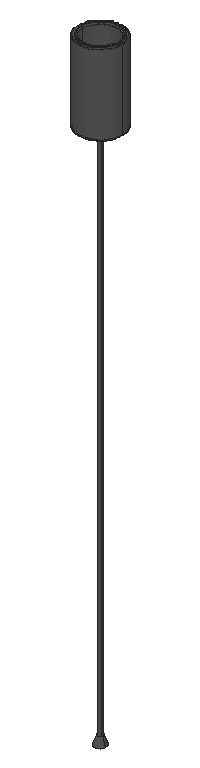
Revit family "CARLO CYLINDER LIGHT Pendant_ Surface", category Lighting Fixtures, host Face, Revit 2020 (continued)
Types (13): name | Wattage_Input | Wattage Comments | Wattage | built-in parameter 1150134 | Size 08 | Size 04 | Photometric Web File | built-in parameter 1150142 | Model | built-in parameter 1150105 | Lumens | built-in parameter 1150107 | built-in parameter 1150106 | Fixture Height | Fixture Diameter | BEAMING ANGLE | Apparent Load
    0.24523 0.26022 0.28239 0.3064 0.32561 0.34836 0.38183 \r\n 0.42295 0.46685 0.52619 0.61876 0.72426 0.82577 0.93084 1.0386 1.1574 1.3043 \r\n 1.4523 1.5667 1.688 1.8596 2.0381 2.1894 2.3295 2.4567 2.59 2.7595 \r\n 2.9301 3.0696 3.1991 3.3258 3.4581 3.6089 3.7711 3.9441 4.1208 4.2875 \r\n 4.463 4.6552 4.8828 5.1297 5.5076 6.1471 6.9759 8.0071 9.1156 10.17 \r\n 11.202 12.112 13.166 14.41 16.406 19.865 24.386 29.866 36.118 42.996 \r\n 50.265 57.665 65.122 72.516 79.737 86.599 93.219 99.702 105.9 111.86 \r\n 117.14 121.25 124.33 126.17 127.33 128.31 129.13 130 130.89 131.86 \r\n 132.83 133.72 134.61 135.61 136.64 137.63 138.66 139.82 141.07 142.33 \r\n 143.76 145.52 147.55 149.8 152.43 155.6 159.32 163.55 168.65 174.95 \r\n 182.45 191.08 201.33 213.62 228.03 244.75 263.93 285.48 310.25 339.55 \r\n 371.94 406.26 443.11 482.8 525.03 569.88 616.44 663.88 712.07 760.56 \r\n 809.47 858.86 908.49 958.51 1007.7 1055.2 1100.4 1142.6 1180.8 1213 \r\n 1241.6 1268.6 1294 1318.7 1342.9 1367.9 1391.4 1411.7 1428.6 1441.2 \r\n 1452.3 \r\n1448.4 1444.8 1436.6 1424.2 1408.7 1390.7 1370.7 1349.9 1326.7 1300.1 \r\n 1270.7 1239 1203.9 1163.2 1119.2 1074 1026.8 977.57 927.33 877.33 \r\n 827.14 776.46 726.1 676.81 628.54 581.17 535.59 492.79 452.39 414.27 \r\n 378.58 344.48 314.82 294.06 276.59 257.83 239.25 219.75 202.55 191.68 \r\n 183.66 176.15 169.77 164.42 159.91 156 152.69 149.9 147.5 145.3 \r\n 143.34 141.59 140.07 138.83 137.7 136.53 135.38 134.3 133.25 132.23 \r\n 131.24 130.3 129.4 128.56 127.7 126.79 125.78 124.71 123.36 121.67 \r\n 119.18 115.18 110.25 104.75 98.716 92.317 85.473 77.978 70.371 63.281 \r\n 56.235 48.812 41.478 34.5 28.057 22.353 17.586 14.084 11.661 10.531 \r\n 9.8297 8.5613 7.3301 6.4536 5.7958 5.3447 5.0456 4.8659 4.7276 4.5259 \r\n 4.308 4.0722 3.8597 3.7308 3.6264 3.5039 3.3738 3.2254 3.0794 2.9628 \r\n 2.8468 2.7071 2.5564 2.3927 2.2363 2.1195 2.0044 1.8535 1.6976 1.559 \r\n 1.4252 1.2903 1.1571 1.024 0.89821 0.78874 0.68763 0.58673 0.49558 0.4222 \r\n 0.36294 0.31788 0.28385 0.25897 0.23947 0.21944 0.20348 0.19717 0.1917 0.17775 \r\n 0.16325 0.15393 0.14708 0.14274 0.13846 0.13132 0.12286 0.11276 0.10359 0.099336 \r\n 0.095472 0.087424 0.079359 0.074545 0.071101 0.069427 0.065941 0.055484 0.043174 0.032475 \r\n 0.023185 0.016702 0.0117 0.006992 0.0035606 0.0024808 0.0022895 0.0017011 0.0012585 0.0012127 \r\n 0.0011534 0.00057788 0.000014 0 0 0 0 0 0 0 \r\n 0 0 0 0 0 0 0 0 0.00017022 0.0091247 \r\n 0.018498 0.020715 0.022016 0.026993 0.03301 0.038891 0.044846 0.050821 0.056426 0.060501 \r\n 0.065299 0.073804 0.082654 0.088823 0.094283 0.10013 0.10596 0.11147 0.11748 0.12496 \r\n 0.13316 0.14206 0.15041 0.15609 0.16168 0.16949 0.17827 0.18796 0.19728 0.2039 \r\n 0.21096 0.22151 0.23354 0.24654 0.2625 0.28475 0.30862 0.3278 0.35058 0.38435 \r\n 0.42555 0.46849 0.52695 0.61979 0.72601 0.82897 0.93443 1.0383 1.1535 1.3025 \r\n 1.4531 1.565 1.6841 1.8584 2.0406 2.1933 2.3336 2.4589 2.5908 2.7626 \r\n 2.9361 3.0765 3.2062 3.3327 3.4648 3.6165 3.7799 3.9539 4.1315 4.2986 \r\n 4.4755 4.6722 4.9065 5.1675 5.5512 6.1655 6.9632 7.9811 9.0745 10.096 \r\n 11.091 11.987 12.998 14.11 15.94 19.216 23.596 29.065 35.369 42.352 \r\n 49.707 57.058 64.447 71.846 79.097 85.985 92.654 99.25 105.54 111.45 \r\n 116.69 120.97 124.23 126.13 127.32 128.32 129.15 130.03 130.93 131.9 \r\n 132.87 133.75 134.63 135.64 136.67 137.63 138.64 139.78 141.01 142.23 \r\n 143.61 145.35 147.35 149.52 152.07 155.16 158.81 162.94 167.94 174.16 \r\n 181.57 190.1 200.23 212.35 226.58 243.13 262.14 283.56 308.17 337.15 \r\n 369.23 403.39 440.08 479.48 521.42 566.11 612.57 659.88 707.99 756.49 \r\n 805.42 854.74 904.28 954.22 1003.4 1050.9 1096.2 1138.8 1177.4 1209.7 \r\n 1238.3 1265.3 1290.9 1315.5 1339.7 1365.2 1389.4 1410.2 1427.6 1440.9 \r\n 1452.3 \r\n1448.4 1443.2 1434 1421 1405.1 1387.1 1366.9 1345.1 1321 1293.8 \r\n 1263.9 1231.6 1195.8 1155 1111.1 1065.9 1018.9 969.95 919.97 869.96 \r\n 819.63 768.7 718.14 668.87 620.76 573.78 528.65 486.16 446.08 408.35 \r\n 373.14 339.81 310.65 289.2 271.04 252.58 234.83 216.72 200.84 190.36 \r\n 182.44 175.09 168.84 163.63 159.23 155.38 152.11 149.4 147.06 144.91 \r\n 142.99 141.31 139.84 138.62 137.51 136.38 135.27 134.18 133.12 132.11 \r\n 131.15 130.25 129.38 128.55 127.7 126.77 125.76 124.71 123.35 121.56 \r\n 118.91 114.74 109.64 103.95 97.778 91.399 84.595 77.039 69.34 62.119 \r\n 55.013 47.759 40.669 33.896 27.657 22.142 17.584 14.398 12.234 11.102 \r\n 10.339 9.1365 7.942 6.9435 6.1146 5.5012 5.0746 4.8696 4.7419 4.5367 \r\n 4.3191 4.0934 3.8872 3.7426 3.62 3.4927 3.3636 3.2227 3.0825 2.9579 \r\n 2.8317 2.6879 2.5377 2.3833 2.2348 2.1113 1.9875 1.836 1.6827 1.5498 \r\n 1.4205 1.2818 1.1448 1.0168 0.89656 0.78551 0.68234 0.58421 0.49715 0.4276 \r\n 0.37151 0.32771 0.29394 0.26869 0.24859 0.22831 0.21229 0.20633 0.20097 0.18677 \r\n 0.17192 0.16251 0.15546 0.15027 0.14532 0.13849 0.13073 0.12155 0.11311 0.10871 \r\n 0.10447 0.096311 0.088106 0.083041 0.079061 0.075883 0.071386 0.062351 0.051795 0.041305 \r\n 0.03195 0.026005 0.021441 0.016651 0.01265 0.010239 0.0084615 0.0063901 0.0047449 0.004368 \r\n 0.0039659 0.0019609 0.000047 0 0 0 0 0 0 0 \r\n 0 0 0 0 0 0 0 0 0.00013131 0.0070666 \r\n 0.014265 0.015747 0.016501 0.0201 0.024814 0.030259 0.035986 0.041297 0.046556 0.051285 \r\n 0.057304 0.067758 0.078203 0.084171 0.088874 0.094284 0.099657 0.10459 0.11003 0.11683 \r\n 0.12481 0.13499 0.14454 0.14957 0.15435 0.16274 0.17203 0.18057 0.18906 0.19759 \r\n 0.20637 0.21524 0.22543 0.23917 0.25567 0.27519 0.29671 0.3179 0.34287 0.37497 \r\n 0.4142 0.45742 0.51737 0.6134 0.7225 0.82505 0.93029 1.038 1.157 1.3064 \r\n 1.4558 1.5652 1.6827 1.8616 2.0476 2.1957 2.3317 2.4621 2.6003 2.7741 \r\n 2.9473 3.0844 3.211 3.3392 3.4743 3.6282 3.7938 3.9701 4.1515 4.3261 \r\n 4.5114 4.7119 4.9537 5.238 5.644 6.2643 7.0603 8.0724 9.1562 10.164 \r\n 11.146 12.039 13.026 14.048 15.763 18.892 23.193 28.804 35.301 42.414 \r\n 49.82 57.031 64.268 71.675 78.997 85.992 92.768 99.438 105.75 111.52 \r\n 116.63 120.95 124.3 126.21 127.41 128.47 129.37 130.27 131.16 132.12 \r\n 133.08 133.95 134.84 135.86 136.9 137.84 138.81 139.94 141.14 142.34 \r\n 143.71 145.42 147.39 149.53 152.05 155.14 158.78 162.88 167.84 174.02 \r\n 181.39 189.76 200 213.23 228.58 245.43 264.15 284.35 307.68 336.28 \r\n 368.33 402.64 439.49 478.8 520.53 564.89 611.07 658.39 706.62 755.28 \r\n 804.37 853.72 903.21 952.99 1002 1049.7 1095.1 1137.6 1176.1 1208.2 \r\n 1236.8 1263.8 1289.2 1313.8 1338.1 1363.9 1388.6 1409.8 1427.7 1441.2 \r\n 1452.3 \r\n1448.4 1441.6 1431.4 1417.7 1401.4 1383.2 1362.7 1339.9 1314.7 1287 \r\n 1256.7 1223.8 1187.5 1146.5 1102.7 1057.6 1010.7 962.11 912.41 862.38 \r\n 811.9 760.73 709.97 660.71 612.79 566.23 521.57 479.39 439.61 402.28 \r\n 367.54 335.05 306.39 284.01 264.89 246.65 229.76 213.32 199.02 188.96 \r\n 181.08 173.91 167.81 162.74 158.45 154.67 151.45 148.8 146.54 144.43 \r\n 142.56 140.95 139.55 138.36 137.28 136.2 135.13 134.03 132.97 131.99 \r\n 131.06 130.19 129.36 128.56 127.72 126.8 125.78 124.76 123.39 121.48 \r\n 118.66 114.31 109.04 103.16 96.834 90.461 83.693 76.098 68.328 60.965 \r\n 53.783 46.705 39.876 33.34 27.334 22.012 17.669 14.828 12.951 11.817 \r\n 10.99 9.8693 8.7238 7.5905 6.5642 5.7492 5.155 4.8966 4.7614 4.5509 \r\n 4.338 4.1243 3.925 3.7617 3.6171 3.4829 3.3539 3.2211 3.0874 2.9542 \r\n 2.8169 2.6686 2.5185 2.3741 2.2339 2.1034 1.9703 1.8174 1.6661 1.5397 \r\n 1.416 1.2735 1.1327 1.0097 0.89502 0.78311 0.67858 0.58313 0.49996 0.4344 \r\n 0.38167 0.33918 0.30566 0.27997 0.2592 0.23871 0.22262 0.2168 0.21137 0.19714 \r\n 0.18225 0.1729 0.16569 0.15948 0.15365 0.14709 0.14007 0.13195 0.12434 0.11961 \r\n 0.11479 0.10658 0.098311 0.092926 0.088279 0.083352 0.077702 0.070355 0.061877 0.051669 \r\n 0.042239 0.036819 0.03264 0.027638 0.022931 0.019128 0.01569 0.011956 0.0088958 0.0079819 \r\n 0.007047 0.0034552 0.000084 0 0 0 0 0 0 0 \r\n 0 0 0 0 0 0 0 0 0.000085 0.0046053 \r\n 0.0092418 0.0099949 0.010258 0.012303 0.015493 0.020316 0.025671 0.030257 0.035165 0.040573 \r\n 0.047916 0.060592 0.07288 0.078658 0.082535 0.087436 0.092292 0.096684 0.10158 0.10766 \r\n 0.11532 0.12659 0.13722 0.14175 0.14588 0.15484 0.16459 0.17196 0.17964 0.19023 \r\n 0.20084 0.20791 0.21605 0.2304 0.24723 0.26351 0.28228 0.30579 0.33332 0.36349 \r\n 0.4005 0.44443 0.50637 0.60571 0.71765 0.81935 0.92436 1.0376 1.1621 1.3113 \r\n 1.4588 1.566 1.6825 1.8654 2.0546 2.1968 2.3279 2.4646 2.6106 2.7861 \r\n 2.9583 3.0912 3.2143 3.3446 3.4833 3.6393 3.8068 3.9844 4.1688 4.3518 \r\n 4.5462 4.7502 4.9984 5.304 5.7301 6.3549 7.1463 8.1438 9.2107 10.209 \r\n 11.182 12.074 13.043 13.997 15.623 18.623 22.858 28.626 35.322 42.547 \r\n 49.982 57.046 64.129 71.546 78.947 86.072 92.976 99.717 106.03 111.67 \r\n 116.64 120.98 124.38 126.29 127.49 128.64 129.62 130.53 131.41 132.35 \r\n 133.29 134.17 135.06 136.09 137.14 138.06 139.02 140.12 141.3 142.49 \r\n 143.84 145.53 147.48 149.61 152.12 155.22 158.86 162.95 167.88 174.03 \r\n 181.38 189.57 199.97 214.5 231.17 248.41 266.84 285.65 307.54 335.76 \r\n 367.83 402.36 439.45 478.72 520.27 564.29 610.16 657.5 705.87 754.72 \r\n 803.97 853.41 902.9 952.53 1001.4 1049.1 1094.6 1137 1175.3 1207.3 \r\n 1235.7 1262.6 1288 1312.6 1337 1363.1 1388.1 1409.8 1428 1441.7 \r\n 1452.3 \r\n1448.4 1440.2 1428.9 1414.6 1397.8 1379.3 1358.4 1334.6 1308.4 1280.3 \r\n 1249.7 1216.2 1179.4 1138.4 1094.7 1049.7 1002.9 954.62 905.19 855.12 \r\n 804.48 753.09 702.17 652.93 605.2 559.07 514.9 473.01 433.49 396.5 \r\n 362.2 330.55 302.38 279.02 258.86 240.72 224.61 209.89 197.26 187.58 \r\n 179.71 172.71 166.77 161.84 157.66 153.94 150.75 148.17 145.96 143.91 \r\n 142.09 140.55 139.22 138.07 137.02 136 134.98 133.89 132.83 131.87 \r\n 130.98 130.16 129.37 128.6 127.79 126.87 125.85 124.86 123.48 121.44 \r\n 118.44 113.94 108.5 102.42 95.936 89.542 82.789 75.176 67.362 59.865 \r\n 52.61 45.696 39.118 32.821 27.054 21.924 17.791 15.293 13.7 12.569 \r\n 11.684 10.653 9.5626 8.2992 7.0749 6.0452 5.266 4.9375 4.7824 4.566 \r\n 4.3608 4.1595 3.967 3.7843 3.6169 3.4747 3.3448 3.2196 3.0923 2.951 \r\n 2.8034 2.6504 2.5 2.3649 2.2328 2.0956 1.9536 1.7984 1.6483 1.5286 \r\n 1.4108 1.2653 1.1209 1.0022 0.89255 0.78049 0.67534 0.58223 0.50238 0.44062 \r\n 0.39119 0.35004 0.31684 0.29072 0.26931 0.24876 0.23271 0.22681 0.22113 0.20709 \r\n 0.19242 0.18327 0.17596 0.16868 0.16188 0.15551 0.14918 0.14217 0.1354 0.1302 \r\n 0.12468 0.11651 0.10829 0.10257 0.097208 0.090518 0.083731 0.078181 0.071867 0.061883 \r\n 0.052282 0.047335 0.043485 0.038158 0.032682 0.027622 0.022695 0.017392 0.012957 0.011437 \r\n 0.0099099 0.0048309 0.00011815 0 0 0 0 0 0 0 \r\n 0 0 0 0 0 0 0 0 0.000039 0.0021224 \r\n 0.004222 0.0044241 0.0043893 0.0049795 0.006678 0.010802 0.015711 0.019649 0.02428 0.030303 \r\n 0.038862 0.053652 0.067718 0.073367 0.076506 0.080915 0.085281 0.089253 0.093722 0.099165 \r\n 0.10648 0.11846 0.12986 0.13413 0.13792 0.14735 0.15743 0.16375 0.17075 0.1833 \r\n 0.19563 0.20096 0.20708 0.22184 0.23881 0.25184 0.26789 0.29368 0.32373 0.35201 \r\n 0.38693 0.43181 0.49582 0.5979 0.71206 0.81274 0.91758 1.0368 1.1671 1.316 \r\n 1.4614 1.5671 1.6831 1.8691 2.0602 2.1965 2.3227 2.4657 2.6195 2.7965 \r\n 2.9674 3.0961 3.2156 3.3482 3.4905 3.6482 3.8168 3.9943 4.1801 4.3707 \r\n 4.5733 4.7802 5.0331 5.3549 5.794 6.4153 7.1928 8.1635 9.2037 10.191 \r\n 11.159 12.051 13.006 13.912 15.47 18.358 22.535 28.441 35.306 42.608 \r\n 50.049 56.981 63.932 71.361 78.842 86.104 93.145 99.96 106.28 111.8 \r\n 116.65 121 124.45 126.35 127.56 128.78 129.83 130.76 131.63 132.56 \r\n 133.48 134.36 135.26 136.3 137.35 138.27 139.2 140.28 141.44 142.62 \r\n 143.98 145.65 147.58 149.7 152.21 155.32 158.97 163.06 167.99 174.1 \r\n 181.41 189.44 200 215.78 233.72 251.33 269.49 286.97 307.48 335.33 \r\n 367.45 402.19 439.53 478.79 520.19 563.86 609.43 656.78 705.28 754.29 \r\n 803.7 853.26 902.8 952.31 1001.1 1048.8 1094.3 1136.5 1174.5 1206.4 \r\n 1234.8 1261.6 1287 1311.6 1336.2 1362.5 1387.7 1409.8 1428.3 1442.2 \r\n 1452.3 \r\n1448.4 1439 1426.8 1411.8 1394.5 1375.6 1354.3 1329.5 1302.4 1274 \r\n 1243.3 1209.2 1172.1 1131.2 1087.8 1042.7 996.1 948.03 898.8 848.67 \r\n 797.87 746.34 695.32 646.12 598.57 552.88 509.17 467.52 428.22 391.49 \r\n 357.55 326.65 298.92 274.73 253.66 235.48 219.93 206.79 195.71 186.36 \r\n 178.46 171.61 165.8 160.99 156.91 153.24 150.09 147.55 145.4 143.39 \r\n 141.63 140.16 138.9 137.79 136.79 135.82 134.84 133.77 132.72 131.8 \r\n 130.95 130.17 129.42 128.69 127.9 127 126 125.03 123.63 121.46 \r\n 118.29 113.65 108.05 101.78 95.137 88.68 81.908 74.293 66.468 58.868 \r\n 51.554 44.778 38.413 32.331 26.782 21.835 17.901 15.708 14.369 13.25 \r\n 12.326 11.381 10.345 8.9743 7.577 6.3454 5.3868 4.9832 4.8012 4.5796 \r\n 4.3841 4.1937 4.0069 3.8066 3.6183 3.4682 3.3365 3.2174 3.0956 2.9479 \r\n 2.7918 2.6344 2.4833 2.3557 2.2302 2.0876 1.9381 1.7797 1.6297 1.5163 \r\n 1.4045 1.2567 1.1094 0.99387 0.8881 0.7766 0.67166 0.58025 0.50278 0.44428 \r\n 0.39783 0.35804 0.32533 0.29888 0.27697 0.25661 0.24077 0.23456 0.22848 0.21479 \r\n 0.2006 0.19178 0.18445 0.1762 0.16847 0.16218 0.15639 0.15038 0.14437 0.13861 \r\n 0.13235 0.12436 0.11637 0.11033 0.1043 0.096061 0.088317 0.08451 0.080213 0.070263 \r\n 0.060308 0.055741 0.052165 0.046416 0.040185 0.034193 0.028196 0.021693 0.016175 0.014115 \r\n 0.012068 0.0058581 0.00014381 0 0 0 0 0 0 0 \r\n 0 0 0 0 0 0 0 0 0 0 \r\n 0 0 0 0 0 0.0034582 0.0079181 0.011424 0.015933 0.022409 \r\n 0.031869 0.048286 0.063746 0.069378 0.072026 0.07605 0.080041 0.0838 0.088055 0.093055 \r\n 0.10004 0.1122 0.12389 0.12825 0.13211 0.14181 0.152 0.15756 0.16411 0.17829 \r\n 0.19198 0.19585 0.20022 0.21512 0.23201 0.24233 0.25614 0.28375 0.31586 0.34316 \r\n 0.37597 0.42188 0.48763 0.59117 0.70633 0.80605 0.9109 1.0353 1.1707 1.3191 \r\n 1.4628 1.568 1.6841 1.8714 2.0629 2.1943 2.3168 2.4649 2.6247 2.803 \r\n 2.9729 3.098 3.2145 3.3492 3.4946 3.6532 3.8218 3.9971 4.1821 4.3777 \r\n 4.5862 4.7955 5.0504 5.3797 5.8201 6.4234 7.1717 8.0996 9.1005 10.074 \r\n 11.036 11.926 12.872 13.747 15.255 18.048 22.163 28.156 35.129 42.457 \r\n 49.878 56.713 63.58 71.023 78.575 85.968 93.143 100.04 106.39 111.84 \r\n 116.62 120.98 124.46 126.36 127.59 128.87 129.99 130.93 131.8 132.71 \r\n 133.61 134.48 135.39 136.43 137.48 138.4 139.33 140.38 141.52 142.7 \r\n 144.06 145.71 147.63 149.75 152.27 155.38 159.04 163.14 168.05 174.12 \r\n 181.38 189.26 199.94 216.68 235.58 253.48 271.4 287.82 307.22 334.76 \r\n 366.88 401.78 439.3 478.56 519.84 563.21 608.49 655.81 704.39 753.5 \r\n 803.04 852.74 902.37 951.82 1000.5 1048.3 1093.8 1135.7 1173.4 1205.3 \r\n 1233.8 1260.5 1285.9 1310.7 1335.4 1361.9 1387.3 1409.7 1428.5 1442.5 \r\n 1452.3 \r\n1448.4 1438.9 1426.3 1410.7 1392.7 1373.1 1351.1 1326 1298.7 1270.5 \r\n 1239.9 1206 1168.9 1128.4 1085.4 1040.5 993.9 945.68 896.25 845.93 \r\n 795.05 743.68 692.88 643.71 596.23 550.95 507.65 466.1 426.78 389.96 \r\n 356 325.34 297.97 274.28 253.5 234.84 218.8 205.97 195.3 185.93 \r\n 177.94 171.12 165.36 160.58 156.52 152.85 149.7 147.15 144.99 143.02 \r\n 141.31 139.9 138.69 137.65 136.7 135.76 134.83 133.81 132.82 131.94 \r\n 131.12 130.35 129.61 128.91 128.18 127.34 126.39 125.44 124.02 121.74 \r\n 118.45 113.77 108.12 101.71 94.875 88.153 81.176 73.603 65.899 58.394 \r\n 51.157 44.394 38.026 31.953 26.447 21.646 17.864 15.738 14.443 13.382 \r\n 12.507 11.592 10.573 9.2118 7.7975 6.4871 5.4435 5.0009 4.8018 4.5824 \r\n 4.3953 4.2036 4.0133 3.8097 3.6177 3.4638 3.3287 3.207 3.0842 2.9388 \r\n 2.785 2.6258 2.4721 2.3429 2.2164 2.0747 1.9252 1.7614 1.6068 1.4962 \r\n 1.3887 1.2425 1.0955 0.97825 0.87113 0.76171 0.65897 0.56671 0.48808 0.43012 \r\n 0.38494 0.34711 0.31624 0.29034 0.26885 0.25007 0.23543 0.22825 0.22127 0.20836 \r\n 0.1953 0.18712 0.18012 0.1717 0.16359 0.15695 0.15091 0.14505 0.13914 0.13277 \r\n 0.12612 0.11904 0.11205 0.10596 0.099639 0.091288 0.083747 0.081209 0.07781 0.066542 \r\n 0.055024 0.050461 0.047087 0.040581 0.033817 0.028627 0.023825 0.018339 0.013668 0.011927 \r\n 0.010197 0.00495 0.00012152 0 0 0 0 0 0 0 \r\n 0 0 0 0 0 0 0 0 0.000017 0.00073677 \r\n 0.0019105 0.0037121 0.0055617 0.0064359 0.0078388 0.011314 0.01572 0.020159 0.025453 0.031591 \r\n 0.040173 0.05514 0.069459 0.075509 0.078996 0.083374 0.087777 0.09241 0.097519 0.10318 \r\n 0.1101 0.12005 0.12989 0.13589 0.14171 0.15077 0.16005 0.16631 0.17367 0.18763 \r\n 0.20085 0.20457 0.20853 0.22276 0.23935 0.25094 0.26584 0.
